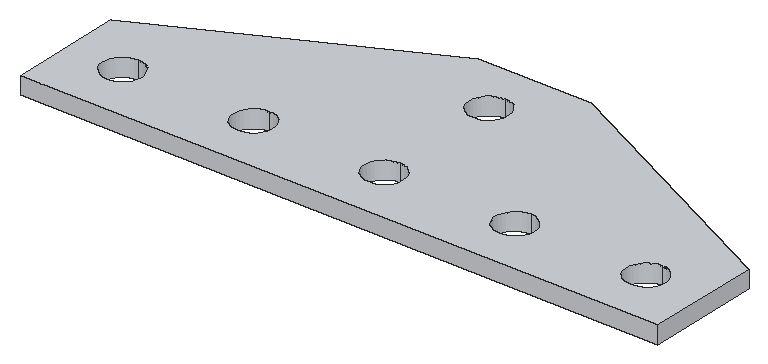
Revit family "Fitting-Flat_Plate-Unistrut-P1953", category Specialty Equipment, Revit 2012
Parameters (values of type "P1953")
  ecoScorecard_data = "http://products.ecoscorecard.com/atkore/P1953"
  ecoScorecard Product Page = "http://products.ecoscorecard.com/atkore/P1953?action=html"
  Weight Per Piece = 1.76 lbf
  Unit = none
  Unistrut Part Number = "P1953"  # constant formula
  URL = "http://unistrut.us/index.php"
  Thickness = 0' - 0 1/4"  # constant formula
  Subcategory = "Flat Plate Fittings"  # constant formula
  Product Page URL = "http://unistrut.us/index.php?WP=cat_detail&S=S05&P=P1953"
  Part Type = "Fitting"  # constant formula
  Overall Width = 0' - 9 1/8"  # constant formula
  Overall Length = 0' - 3 1/2"  # constant formula
  Model = "P1953"  # constant formula
  Material = ""
  Manufacturer Phone - Toll Free = "800-882-5543"  # constant formula
  Manufacturer Phone = "708-339-1610"  # constant formula
  Manufacturer Fax = "708-339-7814"  # constant formula
  Manufacturer Email = "mailto:jshaw@atkore.com"
  Manufacturer Address = "16100 South Lathrop Avenue, Harvey, IL 60426"  # constant formula
  Manufacturer = "Unistrut by Atkore International"  # constant formula
  Load Capacity Note = "Visit the product page for load application and capacity."  # constant formula
  Literature URL = "http://unistrut.us/index.php?WP=LItLibrary"
  Hole Diameter = 0' - 0 9/16"
  Cost Info = "mailto:jshaw@atkore.com"
  CAD URL = "http://unistrut.us/index.php?WP=CAD3d"
  Assembly Code = "D5020100"
  95 CSI = "16070"  # constant formula
  04 CSI = "26 05 48"  # constant formula
Reference planes (in)
  plane 1 "Center (Front/Back)": y = 0
  plane 2: z = 0
  plane 3 "Center (Left/Right)": x = 0
  plane 4: y = 1.75
  plane 5: y = -1.75
  plane 6: x = -4.5625
  plane 7: x = 4.5625
  plane 8: z = 0.25
  plane 9: x = 3.75
  plane 10: x = -1.875
  plane 11: x = -3.75
  plane 12: x = 1.875
  plane 13: y = -0.9375
  plane 14: y = 0.9375
Dimensions and locks (in)
  equal spacing: plane 6, plane 3 "Center (Left/Right)", plane 7
  "Overall Width": plane 6 to plane 7
  equal spacing: plane 4, plane 1 "Center (Front/Back)", plane 5
  "Overall Length": plane 4 to plane 5
  "Thickness": plane 8 to plane 2
  aligned and locked: level to plane 2
  aligned and locked: nested 1 to plane 3 "Center (Left/Right)"
  aligned and locked: plane 1 "Center (Front/Back)" to nested 1
Nested families (in)
  nested 1: "1953" at (0, 0, 0) x (0, -1, 0) z (0, 0, 1), type "1953"
Definition of nested family "1953"
  Parameters (values of type "P1953")
    Width = 0' - 9 1/8"
    Unit = none
    Thickness = 0' - 0 1/4"
    Radiuis = Diameter / 2  # 0' - 0 9/32"
    Length = 0' - 3 1/2"
    Diameter = 0' - 0 9/16"
  Reference planes (in)
    plane 1 "Center (Front/Back)": y = 0
    plane 2: z = 0
    plane 3 "Center (Left/Right)": x = 0
    plane 4: y = 4.5625
    plane 5: y = -4.5625
    plane 6: x = -1.75
    plane 7: x = 1.75
    plane 8: z = 0.25
    plane 9: through (0.125, 4.5625, 48) normal (0.8944, -0.4472, 0)
    plane 10: through (-1.75, -0.8125, 48) normal (0.8944, 0.4472, 0)
  Forms (in)
    Extrusion 1, solid, material <- "Unit"
      sketch origin (0, 0, 0) x (1, 0, 0) y (0, 1, 0)
        loop
          line (1.75, 4.5625) -> (0.125, 4.5625) -> (-1.75, 0.8125) -> (-1.75, -0.8125) -> (0.125, -4.5625) -> (1.75, -4.5625) -> (1.75, 4.5625)
        loop
          circle (0.9375, 0) r 0.28125
        loop
          circle (-0.9375, 0) r 0.28125
        loop
          circle (0.9375, -1.875) r 0.28125
        loop
          circle (0.9375, 1.875) r 0.28125
        loop
          circle (0.9375, 3.75) r 0.28125
        loop
          circle (0.9375, -3.75) r 0.28125
      from 0 to 0.25
  Dimensions and locks (in)
    equal spacing: plane 6, plane 3 "Center (Left/Right)", plane 7
    "Length": plane 6 to plane 7
    equal spacing: plane 4, plane 1 "Center (Front/Back)", plane 5
    "Width": plane 4 to plane 5
    "Thickness": plane 8 to plane 2
    locked: Extrusion 1 sketch curve to plane 7 at 0.8125  (x4)
    locked: plane 6 to Extrusion 1 sketch curve at 0.8125
    locked: Extrusion 1 sketch curve to plane 1 "Center (Front/Back)" at 1.875
    locked: plane 1 "Center (Front/Back)" to Extrusion 1 sketch curve at 1.875
    locked: plane 4 to Extrusion 1 sketch curve at 0.8125
    locked: plane 5 to Extrusion 1 sketch curve at 0.8125
    "Radiuis": radius of Extrusion 1 sketch curve  (x6)
    aligned and locked: level to plane 2
    aligned and locked: plane 7 to Extrusion 1 sketch curve
    aligned and locked: Extrusion 1 sketch curve to plane 4
    aligned and locked: Extrusion 1 sketch curve to plane 9
    aligned and locked: Extrusion 1 sketch curve to plane 6
    aligned and locked: Extrusion 1 sketch curve to plane 10
    aligned and locked: plane 5 to Extrusion 1 sketch curve
    aligned and locked: plane 1 "Center (Front/Back)" to Extrusion 1 sketch curve  (x2)
    aligned and locked: Extrusion 1 to plane 2
    aligned and locked: plane 8 to Extrusion 1
    aligned and locked: plane 4 to Extrusion 1
    aligned and locked: Extrusion 1 to plane 7  (x2)
    aligned and locked: Extrusion 1 to plane 6
    aligned and locked: Extrusion 1 to plane 10
    aligned and locked: plane 5 to Extrusion 1
  Automatic sketch dimensions
    plane 7 to Extrusion 1 sketch curve = 0' - 0 13/16"
